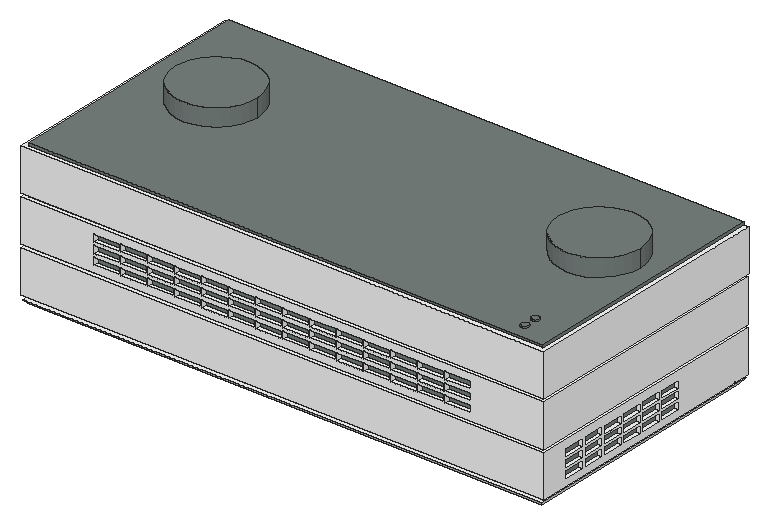
Revit family "AM 500 VC", category Mechanical Equipment, Revit 2019
Family settings
  Round Connector Dimension = Use Diameter
  Part Type = Normal
  OmniClass Number = 23.75.00.00
  OmniClass Title = Climate Control (HVAC)
  Work Plane-Based = No
  Always vertical = Yes
  Cut with Voids When Loaded = No
  Shared = No
  Room Calculation Point = No
Parameters
  Weight (Standard Unit) = 108  # constant formula
  Water Heater Surface Return = 10 mm  # constant formula
  Water Heater Surface IN = 10 mm  # constant formula
  URL = "www.airmaster-as.com"
  Total Width = 1600 mm  # constant formula
  Total Hight = 439 mm  # constant formula
  Top Panel [instance] = yes
  R-C Duct Supply = 192 mm  # constant formula
  L-C Duct Exhaust = 238 mm  # constant formula
  Suply Air In = 250 mm  # constant formula
  B-C Duct Supply = 328 mm  # constant formula
  Phase 1 - Max Power Consumption = "1762 W"
  Phase 1 - Max Current = "8,1 A"
  Nominal current, electrical preheating surface = "4,4 A"
  Nominal current, electrical comfort heating surface = "2,6 A"
  Nominal current, air handling unit = "1,1 A"
  Network Conection = "AWG 24 CAT 5e STP"
  Model = "AM 500 VC"
  Max. flow rate 35 dB(A) with ePM10 80% filters = 440.00 m³  # constant formula
  Max. flow rate 35 dB(A) with ePM10 55% filters = 495.00 m³  # constant formula
  Max. flow rate 35 dB(A) with ePM10 50% filters = 550.00 m³  # constant formula
  Max. flow rate 30 dB(A) with ePM10 80% filters = 344.00 m³  # constant formula
  Max. flow rate 30 dB(A) with ePM10 55% filters = 387.00 m³  # constant formula
  Max. flow rate 30 dB(A) with ePM10 50% filters = 430.00 m³  # constant formula
  Manufacturer = "Airmaster A/S"
  Maintenance [instance] = no
  B-C Duct Exhaust = 328 mm  # constant formula
  Exhaust Air = 250 mm  # constant formula
  Total Depth = 779 mm  # constant formula
  Electrical connection = "1 ~ 230 V / N / PE / 50 Hz"
  Drawn By = "LSB"
  Condensate = 9 mm  # constant formula
  BMS Panel = "(PTS) 2x2x0,6"
  BMS Out = "(PTS) 2x2x0,6"
  BMS IN = "(PTS) 2x0,6"
  Airlow area [instance] = no
Reference planes
  plane 1 "Center (Front/Back)": y = 0
  plane 2: z = 0
  plane 3 "Center (Left/Right)": x = 0
  plane 4 "Center L/S": y = -779
  plane 5 "Center L/T": x = -800
  plane 6 "Center L/U": x = 800
  plane 7 "TOP": z = 439
  plane 8 "Center L/V": x = -785
  plane 9 "Center L/W": y = -764
  plane 10 "Center L/X": x = 785
  plane 11 "Panel Buttom": z = 24.45
  plane 12 "Panel Top": z = 153.45
  plane 13 "Hatch": z = 14.5
  plane 14 "Center L/Z": z = 163.4
  plane 15 "Center L/AA": z = 292.4
  plane 16 "Center L/BB": z = 302.35
  plane 17 "Center L/CC": z = 431.35
Forms (mm)
  Extrusion 1, solid, material "AM Grey"
    sketch origin (0, 0, 0) x (1, 0, 0) y (0, 1, 0)
      loop
        line (-785, 0) -> (-785, -764) -> (785, -764) -> (785, 0) -> (-785, 0)
    from 14.5 to 439
  Extrusion 2, solid, material "AM White"
    sketch origin (794.5, -1524, 24.45) x (0, -1, 0) y (-1, 0, 0)
      loop
        line (-1524, 1594.5) -> (-1524, 1579.5) -> (-760, 1579.5) -> (-760, 9.5) -> (-1524, 9.5) -> (-1524, -5.5) -> (-745, -5.5) -> (-745, 1594.5) -> (-1524, 1594.5)
    from 0 to -129
  Blend 3, solid, material "AM White"
    base sketch origin (-790.646, -1524, 14.5) x (0, -1, 0) y (1, 0, 0)
      loop
        line (-745, -2.387) -> (-745, 1583.657) -> (-1524, 1583.657) -> (-1524, -2.387) -> (-745, -2.387)
    top sketch origin (-790.646, -1524, 14.5) x (0, -1, 0) y (1, 0, 0)
      loop
        line (-760, 8.963) -> (-760, 1572.646) -> (-1509.161, 1572.646) -> (-1509.161, 8.963) -> (-760, 8.963)
    from 0 to -14.5
  Extrusion 4, void
    sketch origin (1480.036, -779, 163.4) x (1, 0, 0) y (0, 0, -1)
      loop
        line (-2055.036, -85.5) -> (-2055.036, -107.5) -> (-1977.536, -107.5) -> (-1977.536, -85.5) -> (-2055.036, -85.5)
      loop
        line (-2055.036, -53.5) -> (-2055.036, -75.5) -> (-1977.536, -75.5) -> (-1977.536, -53.5) -> (-2055.036, -53.5)
      loop
        line (-2055.036, -21.5) -> (-2055.036, -43.5) -> (-1977.536, -43.5) -> (-1977.536, -21.5) -> (-2055.036, -21.5)
      loop
        line (-1972.536, -85.5) -> (-1972.536, -107.5) -> (-1895.036, -107.5) -> (-1895.036, -85.5) -> (-1972.536, -85.5)
      loop
        line (-1972.536, -53.5) -> (-1972.536, -75.5) -> (-1895.036, -75.5) -> (-1895.036, -53.5) -> (-1972.536, -53.5)
      loop
        line (-1972.536, -21.5) -> (-1972.536, -43.5) -> (-1895.036, -43.5) -> (-1895.036, -21.5) -> (-1972.536, -21.5)
      loop
        line (-1890.036, -85.5) -> (-1890.036, -107.5) -> (-1812.536, -107.5) -> (-1812.536, -85.5) -> (-1890.036, -85.5)
      loop
        line (-1890.036, -53.5) -> (-1890.036, -75.5) -> (-1812.536, -75.5) -> (-1812.536, -53.5) -> (-1890.036, -53.5)
      loop
        line (-1890.036, -21.5) -> (-1890.036, -43.5) -> (-1812.536, -43.5) -> (-1812.536, -21.5) -> (-1890.036, -21.5)
      loop
        line (-1807.536, -85.5) -> (-1807.536, -107.5) -> (-1730.036, -107.5) -> (-1730.036, -85.5) -> (-1807.536, -85.5)
      loop
        line (-1807.536, -53.5) -> (-1807.536, -75.5) -> (-1730.036, -75.5) -> (-1730.036, -53.5) -> (-1807.536, -53.5)
      loop
        line (-1807.536, -21.5) -> (-1807.536, -43.5) -> (-1730.036, -43.5) -> (-1730.036, -21.5) -> (-1807.536, -21.5)
      loop
        line (-1725.036, -85.5) -> (-1725.036, -107.5) -> (-1647.536, -107.5) -> (-1647.536, -85.5) -> (-1725.036, -85.5)
      loop
        line (-1725.036, -53.5) -> (-1725.036, -75.5) -> (-1647.536, -75.5) -> (-1647.536, -53.5) -> (-1725.036, -53.5)
      loop
        line (-1725.036, -21.5) -> (-1725.036, -43.5) -> (-1647.536, -43.5) -> (-1647.536, -21.5) -> (-1725.036, -21.5)
      loop
        line (-1642.536, -85.5) -> (-1642.536, -107.5) -> (-1565.036, -107.5) -> (-1565.036, -85.5) -> (-1642.536, -85.5)
      loop
        line (-1642.536, -53.5) -> (-1642.536, -75.5) -> (-1565.036, -75.5) -> (-1565.036, -53.5) -> (-1642.536, -53.5)
      loop
        line (-1642.536, -21.5) -> (-1642.536, -43.5) -> (-1565.036, -43.5) -> (-1565.036, -21.5) -> (-1642.536, -21.5)
      loop
        line (-1560.036, -85.5) -> (-1560.036, -107.5) -> (-1482.536, -107.5) -> (-1482.536, -85.5) -> (-1560.036, -85.5)
      loop
        line (-1560.036, -53.5) -> (-1560.036, -75.5) -> (-1482.536, -75.5) -> (-1482.536, -53.5) -> (-1560.036, -53.5)
      loop
        line (-1560.036, -21.5) -> (-1560.036, -43.5) -> (-1482.536, -43.5) -> (-1482.536, -21.5) -> (-1560.036, -21.5)
      loop
        line (-1477.536, -85.5) -> (-1477.536, -107.5) -> (-1400.036, -107.5) -> (-1400.036, -85.5) -> (-1477.536, -85.5)
      loop
        line (-1477.536, -53.5) -> (-1477.536, -75.5) -> (-1400.036, -75.5) -> (-1400.036, -53.5) -> (-1477.536, -53.5)
      loop
        line (-1477.536, -21.5) -> (-1477.536, -43.5) -> (-1400.036, -43.5) -> (-1400.036, -21.5) -> (-1477.536, -21.5)
      loop
        line (-1395.036, -85.5) -> (-1395.036, -107.5) -> (-1317.536, -107.5) -> (-1317.536, -85.5) -> (-1395.036, -85.5)
      loop
        line (-1395.036, -53.5) -> (-1395.036, -75.5) -> (-1317.536, -75.5) -> (-1317.536, -53.5) -> (-1395.036, -53.5)
      loop
        line (-1395.036, -21.5) -> (-1395.036, -43.5) -> (-1317.536, -43.5) -> (-1317.536, -21.5) -> (-1395.036, -21.5)
      loop
        line (-1312.536, -85.5) -> (-1312.536, -107.5) -> (-1235.036, -107.5) -> (-1235.036, -85.5) -> (-1312.536, -85.5)
      loop
        line (-1312.536, -53.5) -> (-1312.536, -75.5) -> (-1235.036, -75.5) -> (-1235.036, -53.5) -> (-1312.536, -53.5)
      loop
        line (-1312.536, -21.5) -> (-1312.536, -43.5) -> (-1235.036, -43.5) -> (-1235.036, -21.5) -> (-1312.536, -21.5)
      loop
        line (-1230.036, -85.5) -> (-1230.036, -107.5) -> (-1152.536, -107.5) -> (-1152.536, -85.5) -> (-1230.036, -85.5)
      loop
        line (-1230.036, -53.5) -> (-1230.036, -75.5) -> (-1152.536, -75.5) -> (-1152.536, -53.5) -> (-1230.036, -53.5)
      loop
        line (-1230.036, -21.5) -> (-1230.036, -43.5) -> (-1152.536, -43.5) -> (-1152.536, -21.5) -> (-1230.036, -21.5)
      loop
        line (-1147.536, -85.5) -> (-1147.536, -107.5) -> (-1070.036, -107.5) -> (-1070.036, -85.5) -> (-1147.536, -85.5)
      loop
        line (-1147.536, -53.5) -> (-1147.536, -75.5) -> (-1070.036, -75.5) -> (-1070.036, -53.5) -> (-1147.536, -53.5)
      loop
        line (-1147.536, -21.5) -> (-1147.536, -43.5) -> (-1070.036, -43.5) -> (-1070.036, -21.5) -> (-1147.536, -21.5)
      loop
        line (-1065.036, -85.5) -> (-1065.036, -107.5) -> (-987.536, -107.5) -> (-987.536, -85.5) -> (-1065.036, -85.5)
      loop
        line (-1065.036, -53.5) -> (-1065.036, -75.5) -> (-987.536, -75.5) -> (-987.536, -53.5) -> (-1065.036, -53.5)
      loop
        line (-1065.036, -21.5) -> (-1065.036, -43.5) -> (-987.536, -43.5) -> (-987.536, -21.5) -> (-1065.036, -21.5)
      loop
        line (-982.536, -85.5) -> (-982.536, -107.5) -> (-905.036, -107.5) -> (-905.036, -85.5) -> (-982.536, -85.5)
      loop
        line (-982.536, -53.5) -> (-982.536, -75.5) -> (-905.036, -75.5) -> (-905.036, -53.5) -> (-982.536, -53.5)
      loop
        line (-982.536, -21.5) -> (-982.536, -43.5) -> (-905.036, -43.5) -> (-905.036, -21.5) -> (-982.536, -21.5)
    from 0 to 15
  Extrusion 5, solid, material "AM Grey"
    sketch origin (-785, -20, 0) x (0, 1, 0) y (0, 0, -1)
      loop
        arc (-34.231, -35.823) -> (-20.604, -46.468) -> (-15.509, -29.944) r 10.5
        arc (-15.509, -29.944) -> (-26.896, -26.432) -> (-34.231, -35.823) r 10.5
    from 0 to 14.9
  Extrusion 6, void
    sketch origin (800, 1296.25, 24.45) x (0, 1, 0) y (0, 0, -1)
      loop
        line (-1995, -105.164) -> (-1927, -105.164) -> (-1927, -80.664) -> (-1995, -80.664) -> (-1995, -105.164)
      loop
        line (-1995, -75.664) -> (-1927, -75.664) -> (-1927, -51.164) -> (-1995, -51.164) -> (-1995, -75.664)
      loop
        line (-1995, -46.164) -> (-1927, -46.164) -> (-1927, -21.664) -> (-1995, -21.664) -> (-1995, -46.164)
      loop
        line (-1922, -105.164) -> (-1854, -105.164) -> (-1854, -80.664) -> (-1922, -80.664) -> (-1922, -105.164)
      loop
        line (-1922, -75.664) -> (-1854, -75.664) -> (-1854, -51.164) -> (-1922, -51.164) -> (-1922, -75.664)
      loop
        line (-1922, -46.164) -> (-1854, -46.164) -> (-1854, -21.664) -> (-1922, -21.664) -> (-1922, -46.164)
      loop
        line (-1849, -105.164) -> (-1781, -105.164) -> (-1781, -80.664) -> (-1849, -80.664) -> (-1849, -105.164)
      loop
        line (-1849, -75.664) -> (-1781, -75.664) -> (-1781, -51.164) -> (-1849, -51.164) -> (-1849, -75.664)
      loop
        line (-1849, -46.164) -> (-1781, -46.164) -> (-1781, -21.664) -> (-1849, -21.664) -> (-1849, -46.164)
      loop
        line (-1776, -105.164) -> (-1708, -105.164) -> (-1708, -80.664) -> (-1776, -80.664) -> (-1776, -105.164)
      loop
        line (-1776, -75.664) -> (-1708, -75.664) -> (-1708, -51.164) -> (-1776, -51.164) -> (-1776, -75.664)
      loop
        line (-1776, -46.164) -> (-1708, -46.164) -> (-1708, -21.664) -> (-1776, -21.664) -> (-1776, -46.164)
      loop
        line (-1703, -105.164) -> (-1635, -105.164) -> (-1635, -80.664) -> (-1703, -80.664) -> (-1703, -105.164)
      loop
        line (-1703, -75.664) -> (-1635, -75.664) -> (-1635, -51.164) -> (-1703, -51.164) -> (-1703, -75.664)
      loop
        line (-1703, -46.164) -> (-1635, -46.164) -> (-1635, -21.664) -> (-1703, -21.664) -> (-1703, -46.164)
      loop
        line (-1630, -105.164) -> (-1562, -105.164) -> (-1562, -80.664) -> (-1630, -80.664) -> (-1630, -105.164)
      loop
        line (-1630, -75.664) -> (-1562, -75.664) -> (-1562, -51.164) -> (-1630, -51.164) -> (-1630, -75.664)
      loop
        line (-1630, -46.164) -> (-1562, -46.164) -> (-1562, -21.664) -> (-1630, -21.664) -> (-1630, -46.164)
    from 0 to 15
  Extrusion 7, solid, material "AM Grey"
    sketch origin (785, 0, 0) x (0, -1, 0) y (0, 0, -1)
      loop
        circle (48.75, -36.414) r 8
    from 0 to 14.9
  Extrusion 8, solid, material "AM Grey"
    sketch origin (785, 0, 0) x (0, -1, 0) y (0, 0, -1)
      loop
        circle (48.75, -60.414) r 5.5
    from 0 to 14.9
  Extrusion 9, solid, material "AM Grey"
    sketch origin (785, 0, 0) x (0, -1, 0) y (0, 0, -1)
      loop
        arc (52.21, -82.945) -> (49.124, -78.934) -> (45.257, -82.197) r 3.5
        arc (45.257, -82.197) -> (48.376, -85.894) -> (52.21, -82.945) r 3.5
    from 0 to 14.9
  Extrusion 10, solid, material "AM Grey"
    sketch origin (785, 0, 0) x (0, -1, 0) y (0, 0, -1)
      loop
        arc (52.21, -104.867) -> (49.124, -100.856) -> (45.257, -104.119) r 3.5
        arc (45.257, -104.119) -> (48.376, -107.816) -> (52.21, -104.867) r 3.5
    from 0 to 14.9
  Extrusion 11, solid, material "AM Grey"
    sketch origin (785, 0, 0) x (0, -1, 0) y (0, 0, -1)
      loop
        arc (666.553, -391.641) -> (678.119, -403.614) -> (689.95, -391.903) r 11.7
        arc (689.95, -391.903) -> (678.381, -380.215) -> (666.553, -391.641) r 11.7
    from 0 to 2
  Extrusion 12, solid, material "AM Grey"
    sketch origin (785, 0, 0) x (0, -1, 0) y (0, 0, -1)
      loop
        arc (707.323, -393.239) -> (721.418, -403.717) -> (730.869, -388.914) r 12
        arc (730.869, -388.914) -> (717.082, -380.112) -> (707.323, -393.239) r 12
    from 0 to 2
  Extrusion 13, solid, material "AM Grey"
    sketch origin (-2194.69, 0, 0) x (1, 0, 0) y (0, 0, -1)
      loop
        arc (1478.835, -24) -> (1493.457, -45.482) -> (1480.281, -23.084) r 13
        line (1480.281, -23.084) -> (1478.835, -24)
    from 0 to 2
  Extrusion 14, solid, material "AM Grey"
    sketch origin (0, 0, 439) x (1, 0, 0) y (0, 1, 0)
      loop
        arc (693.662, -689.53) -> (693, -667.55) -> (692.338, -689.53) r 11
        line (692.338, -689.53) -> (693.662, -689.53)
    from 0 to 2
  Extrusion 15, solid, material "AM Grey"
    sketch origin (0, 0, 439) x (1, 0, 0) y (0, 1, 0)
      loop
        arc (693.662, -730.28) -> (693, -708.3) -> (692.338, -730.28) r 11
        line (692.338, -730.28) -> (693.662, -730.28)
    from 0 to 2
  Extrusion 16, solid, material "Maintenece", visible <- "Maintenance"
    sketch origin (-790.646, -1524, 0) x (1, 0, 0) y (0, -1, 0)
      loop
        line (-9.354, -1524) -> (1590.646, -1524) -> (1590.646, -745) -> (-9.354, -745) -> (-9.354, -1524)
    from 0 to 1200
  Extrusion 17, solid, material "Maintenece", visible <- "Airlow area"
    sketch origin (800, 1296.25, 24.45) x (0, -1, 0) y (0, 0, -1)
      loop
        line (1296.25, -129) -> (2081.25, -129) -> (2081.25, 21) -> (1296.25, 21) -> (1296.25, -129)
    from 0 to 500
  Extrusion 18, solid, material "AM Grey"
    sketch origin (0, 0, 439) x (1, 0, 0) y (0, 1, 0)
      loop
        circle (-562, -328) r 125
    from 0 to 53
  Extrusion 19, solid, material "AM Grey"
    sketch origin (1170, 0, 439) x (1, 0, 0) y (0, 1, 0)
      loop
        circle (-562, -328) r 125
    from 0 to 53
  Extrusion 20, solid, material "AM White"
    sketch origin (794.5, -1524, 163.4) x (0, -1, 0) y (-1, 0, 0)
      loop
        line (-1524, 1594.5) -> (-1524, 1579.5) -> (-760, 1579.5) -> (-760, 9.5) -> (-1524, 9.5) -> (-1524, -5.5) -> (-745, -5.5) -> (-745, 1594.5) -> (-1524, 1594.5)
    from 0 to -129
  Extrusion 21, solid, material "AM White", visible <- "Top Panel"
    sketch origin (794.5, -1524, 302.35) x (0, -1, 0) y (-1, 0, 0)
      loop
        line (-1524, 1594.5) -> (-1524, 1579.5) -> (-760, 1579.5) -> (-760, 9.5) -> (-1524, 9.5) -> (-1524, -5.5) -> (-745, -5.5) -> (-745, 1594.5) -> (-1524, 1594.5)
    from 0 to -129
Cuts and joins
  Extrusion 4, Extrusion 6 cuts Extrusion 1
  Extrusion 4, Extrusion 6 cuts Extrusion 2
  Extrusion 4 cuts Extrusion 20
Dimensions and locks
  "Total Depth": plane 4 "Center L/S" to plane 1 "Center (Front/Back)"
  equal spacing: plane 5 "Center L/T", plane 3 "Center (Left/Right)", plane 6 "Center L/U"
  "Total Width": plane 5 "Center L/T" to plane 6 "Center L/U"
  "Total Hight": plane 7 "TOP" to level
  locked: plane 10 "Center L/X" to plane 6 "Center L/U" at 15
  locked: plane 4 "Center L/S" to plane 9 "Center L/W" at 15
  locked: plane 5 "Center L/T" to plane 8 "Center L/V" at 15
  Extrusion 1 to Blend 3 sketch curve = 14.839 mm
  nested 3 to cut or joined group of Extrusion 2, Extrusion 4, Extrusion 6 = 550 mm
  "L-C Duct Exhaust": plane 5 "Center L/T" to Extrusion 18 sketch curve
  "B-C Duct Exhaust": Extrusion 18 sketch curve to plane 1 "Center (Front/Back)"
  "B-C Duct Supply": Extrusion 19 sketch curve to plane 1 "Center (Front/Back)"
  "R-C Duct Supply": Extrusion 19 sketch curve to plane 6 "Center L/U"
  aligned and locked: level to plane 2
  aligned and locked: plane 1 "Center (Front/Back)" to Extrusion 1 sketch curve
  aligned and locked: Extrusion 1 sketch curve to plane 8 "Center L/V"
  aligned and locked: Extrusion 1 sketch curve to plane 9 "Center L/W"
  aligned and locked: Extrusion 1 sketch curve to plane 10 "Center L/X"
  aligned and locked: plane 7 "TOP" to Extrusion 1
  aligned and locked: plane 5 "Center L/T" to Extrusion 2 sketch curve
  aligned and locked: plane 4 "Center L/S" to Extrusion 2 sketch curve
  aligned and locked: plane 6 "Center L/U" to Extrusion 2 sketch curve
  aligned and locked: Extrusion 2 sketch curve to Extrusion 1  (x3)
  aligned and locked: plane 1 "Center (Front/Back)" to Extrusion 2 sketch curve
  aligned and locked: Extrusion 2 to plane 12 "Panel Top"
  aligned and locked: Blend 3 to plane 2
  aligned and locked: plane 13 "Hatch" to Extrusion 1
  aligned and locked: Extrusion 16 sketch curve to cut or joined group of Extrusion 2, Extrusion 4, Extrusion 6  (x4)
  aligned and locked: Extrusion 17 sketch curve to cut or joined group of Extrusion 2, Extrusion 4, Extrusion 6  (x2)
Automatic sketch dimensions
  plane 1 "Center (Front/Back)" to Extrusion 2 sketch curve = 0 mm
  plane 1 "Center (Front/Back)" to Blend 3 sketch curve = 0 mm
  plane 4 "Center L/S" to Blend 3 sketch curve = 0 mm
  plane 5 "Center L/T" to Blend 3 sketch curve = 6.967 mm
  Blend 3 sketch curve to plane 6 "Center L/U" = 6.989 mm
  plane 9 "Center L/W" to Blend 3 sketch curve = 0 mm
  plane 8 "Center L/V" to Blend 3 sketch curve = 3.316 mm
  Blend 3 sketch curve to plane 10 "Center L/X" = 3 mm
  Extrusion 2 to Extrusion 4 sketch curve = 95.45 mm  (x3)
  Extrusion 4 sketch curve to Extrusion 2 = 225 mm
  Extrusion 4 sketch curve to Extrusion 4 sketch curve = 0 mm  (x88)
  Extrusion 4 sketch curve to Extrusion 4 sketch curve = 77.5 mm  (x14)
  Extrusion 4 sketch curve to Extrusion 4 sketch curve = 5 mm  (x39)
  Extrusion 4 sketch curve to Extrusion 4 sketch curve = 22 mm  (x11)
  Extrusion 4 sketch curve to Extrusion 4 sketch curve = 10 mm  (x12)
  Extrusion 5 sketch curve to Extrusion 5 sketch curve = 0 mm  (x2)
  Extrusion 1 to Extrusion 5 sketch curve = 43.75 mm
  Extrusion 1 to Extrusion 5 sketch curve = 21.95 mm
  Extrusion 5 sketch curve to Extrusion 5 sketch curve = 10.481 mm
  Extrusion 5 sketch curve to Extrusion 5 sketch curve = 8.241 mm
  Extrusion 5 sketch curve to Extrusion 5 sketch curve = 0.627 mm
  Extrusion 6 sketch curve to Extrusion 2 = 23.836 mm  (x2)
  Extrusion 2 to Extrusion 6 sketch curve = 80.25 mm
  Extrusion 6 sketch curve to Extrusion 6 sketch curve = 0 mm  (x33)
  Extrusion 6 sketch curve to Extrusion 6 sketch curve = 68 mm  (x6)
  Extrusion 6 sketch curve to Extrusion 6 sketch curve = 5 mm  (x22)
  Extrusion 6 sketch curve to Extrusion 6 sketch curve = 24.5 mm  (x5)
  Extrusion 6 sketch curve to Extrusion 2 = 21.664 mm  (x3)
  Extrusion 1 to Extrusion 7 sketch curve = 21.914 mm
  Extrusion 1 to Extrusion 7 sketch curve = 48.75 mm
  Extrusion 1 to Extrusion 8 sketch curve = 48.75 mm
  Extrusion 1 to Extrusion 8 sketch curve = 45.914 mm
  Extrusion 9 sketch curve to Extrusion 9 sketch curve = 0 mm  (x2)
  Extrusion 1 to Extrusion 9 sketch curve = 48.75 mm
  Extrusion 1 to Extrusion 9 sketch curve = 67.914 mm
  Extrusion 9 sketch curve to Extrusion 9 sketch curve = 3.493 mm
  Extrusion 9 sketch curve to Extrusion 9 sketch curve = 3.46 mm
  Extrusion 9 sketch curve to Extrusion 9 sketch curve = 0.531 mm
  Extrusion 10 sketch curve to Extrusion 10 sketch curve = 0 mm  (x2)
  Extrusion 1 to Extrusion 10 sketch curve = 48.75 mm
  Extrusion 1 to Extrusion 10 sketch curve = 89.836 mm
  Extrusion 10 sketch curve to Extrusion 10 sketch curve = 3.493 mm
  Extrusion 10 sketch curve to Extrusion 10 sketch curve = 3.46 mm
  Extrusion 10 sketch curve to Extrusion 10 sketch curve = 0.531 mm
  Extrusion 11 sketch curve to Extrusion 11 sketch curve = 0 mm  (x2)
  Extrusion 1 to Extrusion 11 sketch curve = 85.75 mm
  Extrusion 1 to Extrusion 11 sketch curve = 47.086 mm
  Extrusion 11 sketch curve to Extrusion 11 sketch curve = 11.697 mm
  Extrusion 11 sketch curve to Extrusion 11 sketch curve = 11.7 mm
  Extrusion 11 sketch curve to Extrusion 11 sketch curve = 0.011 mm
  Extrusion 12 sketch curve to Extrusion 12 sketch curve = 0 mm  (x2)
  Extrusion 1 to Extrusion 12 sketch curve = 44.75 mm
  Extrusion 1 to Extrusion 12 sketch curve = 47.086 mm
  Extrusion 12 sketch curve to Extrusion 12 sketch curve = 11.927 mm
  Extrusion 12 sketch curve to Extrusion 12 sketch curve = 11.619 mm
  Extrusion 12 sketch curve to Extrusion 12 sketch curve = 1.325 mm
  Extrusion 1 to Extrusion 13 sketch curve = 9.5 mm
  Extrusion 13 sketch curve to Extrusion 1 = 69.145 mm
  Extrusion 1 to Extrusion 13 sketch curve = 8.584 mm
  Extrusion 13 sketch curve to Extrusion 13 sketch curve = 1.446 mm
  Extrusion 13 sketch curve to Extrusion 13 sketch curve = 6.219 mm
  Extrusion 14 sketch curve to Extrusion 1 = 92.662 mm
  Extrusion 14 sketch curve to Extrusion 14 sketch curve = 0.662 mm
  Extrusion 14 sketch curve to Extrusion 1 = 74.47 mm
  Extrusion 14 sketch curve to Extrusion 14 sketch curve = 10.98 mm
  Extrusion 15 sketch curve to Extrusion 1 = 92.662 mm
  Extrusion 15 sketch curve to Extrusion 15 sketch curve = 0.662 mm
  Extrusion 15 sketch curve to Extrusion 1 = 33.72 mm
  Extrusion 15 sketch curve to Extrusion 15 sketch curve = 10.98 mm
  Extrusion 2 to Extrusion 17 sketch curve = 6 mm
  Extrusion 17 sketch curve to Extrusion 2 = 21 mm
  plane 1 "Center (Front/Back)" to Extrusion 20 sketch curve = 0 mm  (x2)
  Extrusion 20 sketch curve to plane 8 "Center L/V" = 0 mm
  Extrusion 20 sketch curve to plane 9 "Center L/W" = 0 mm
  plane 4 "Center L/S" to Extrusion 20 sketch curve = 0 mm
  Extrusion 20 sketch curve to plane 5 "Center L/T" = 0 mm
  Extrusion 20 sketch curve to plane 10 "Center L/X" = 0 mm
  Extrusion 20 sketch curve to plane 6 "Center L/U" = 0 mm
  plane 1 "Center (Front/Back)" to Extrusion 21 sketch curve = 0 mm  (x2)
  Extrusion 21 sketch curve to plane 8 "Center L/V" = 0 mm
  Extrusion 21 sketch curve to plane 9 "Center L/W" = 0 mm
  plane 4 "Center L/S" to Extrusion 21 sketch curve = 0 mm
  Extrusion 21 sketch curve to plane 5 "Center L/T" = 0 mm
  Extrusion 21 sketch curve to plane 10 "Center L/X" = 0 mm
  Extrusion 21 sketch curve to plane 6 "Center L/U" = 0 mm
  radius of Extrusion 7 sketch curve = 8 mm
  radius of Extrusion 8 sketch curve = 5.5 mm
  radius of Extrusion 18 sketch curve = 125 mm
  radius of Extrusion 19 sketch curve = 125 mm
Nested families
  nested 1: "Model Label 2019" at (0, -541.924, 0), Label <- "Model", type "Model Label 2019"
    with Label "AM 500 VC"
  nested 2: "Pil Indtag" at (1400, -364, 0) x (-1, 0, 0) z (0, 0, 1), type "Pil Indtag"
    with dX_ 609 mm, dX 609 mm, ang2D 0.00°
  nested 3: "indblæssymbol" at (11.742, -879, 0) x (0, -1, 0) z (0, 0, 1), type "indblæssymbol"
    with dX_ 609 mm, dX 609 mm, ang2D 0.00°
Connectors
  piping at (-799.9, -44.87, 32.883), diameter 9, driven by "Condensate"
    settings: on Extrusion 5, index 1, connector inside diameter 609.6 mm, connector length 0 mm, flow factor 0, pipe flow 0.0 L/s, pressure drop 0.0 Pa, fitting loss kfactor 0, connector angle 0.00°, fixture units 0, engagement length 0 mm, angle of deflection 0.00°, flow configuration 0, flow direction 0, fitting loss method 0, system type 16, joint type 0, gender type 0, connector reference index -1, connector utility 0, adjustable connector no, is connector primary yes, connector description ""
  electrical at (799.9, -48.75, 36.414), driven by "Electrical connection"
    settings: on Extrusion 7, index 2, voltage 230 V, apparent load 0 VA, apparent load phase1 0 VA, apparent load phase2 0 VA, apparent load phase3 0 VA, power factor 0.58, load classification "Other", number of poles 1, system type 30, power factor state 1, is connector primary yes, connector utility no, sub classification motor no, connector description "1 ~ 230 V / N / PE / 50 Hz"
  electrical at (799.9, -48.75, 60.414), driven by "Network Conection"
    settings: on Extrusion 8, index 3, voltage 0 V, apparent load 0 VA, apparent load phase1 0 VA, apparent load phase2 0 VA, apparent load phase3 0 VA, power factor 1, load classification "Other", number of poles 1, system type 5, power factor state 1, is connector primary no, connector utility no, sub classification motor no, connector description "AWG 24 CAT 5e STP"
  electrical at (799.9, -48.733, 82.571), driven by "BMS IN"
    settings: on Extrusion 9, index 4, voltage 0 V, apparent load 0 VA, apparent load phase1 0 VA, apparent load phase2 0 VA, apparent load phase3 0 VA, power factor 1, load classification "Other", number of poles 1, system type 5, power factor state 1, is connector primary no, connector utility no, sub classification motor no, connector description "(PTS) 2x0,6"
  electrical at (799.9, -48.733, 104.493), driven by "BMS Out"
    settings: on Extrusion 10, index 5, voltage 0 V, apparent load 0 VA, apparent load phase1 0 VA, apparent load phase2 0 VA, apparent load phase3 0 VA, power factor 1, load classification "Other", number of poles 1, system type 5, power factor state 1, is connector primary no, connector utility no, sub classification motor no, connector description "(PTS) 2x2x0,6"
  piping at (787, -719.096, 391.076), diameter 10, driven by "Water Heater Surface IN"
    settings: on Extrusion 12, index 6, connector inside diameter 609.6 mm, connector length 0 mm, flow factor 0, pipe flow 0.0 L/s, pressure drop 0.0 Pa, fitting loss kfactor 0, connector angle 0.00°, fixture units 0, engagement length 0 mm, angle of deflection 0.00°, flow configuration 0, flow direction 1, fitting loss method 0, system type 7, joint type 0, gender type 0, connector reference index -1, connector utility 0, adjustable connector no, is connector primary no, connector description ""
  piping at (787, -678.252, 391.772), diameter 10, driven by "Water Heater Surface Return"
    settings: on Extrusion 11, index 7, connector inside diameter 609.6 mm, connector length 0 mm, flow factor 0, pipe flow 0.0 L/s, pressure drop 0.0 Pa, fitting loss kfactor 0, connector angle 0.00°, fixture units 0, engagement length 0 mm, angle of deflection 0.00°, flow configuration 0, flow direction 2, fitting loss method 0, system type 8, joint type 0, gender type 0, connector reference index -1, connector utility 0, adjustable connector no, is connector primary no, connector description ""
  piping at (-715.132, 2, 23.542), diameter 9, driven by "Condensate"
    settings: on Extrusion 13, index 8, connector inside diameter 609.6 mm, connector length 0 mm, flow factor 0, pipe flow 0.0 L/s, pressure drop 0.0 Pa, fitting loss kfactor 0, connector angle 0.00°, fixture units 0, engagement length 0 mm, angle of deflection 0.00°, flow configuration 0, flow direction 0, fitting loss method 0, system type 16, joint type 0, gender type 0, connector reference index -1, connector utility 0, adjustable connector no, is connector primary no, connector description "9"
  piping at (693, -730.28, 441), diameter 10, driven by "Water Heater Surface IN"
    settings: on Extrusion 15, index 11, connector inside diameter 609.6 mm, connector length 0 mm, flow factor 0, pipe flow 0.0 L/s, pressure drop 0.0 Pa, fitting loss kfactor 0, connector angle 0.00°, fixture units 0, engagement length 0 mm, angle of deflection 0.00°, flow configuration 0, flow direction 0, fitting loss method 0, system type 19, joint type 0, gender type 0, connector reference index -1, connector utility 0, adjustable connector no, is connector primary no, connector description ""
  piping at (693, -689.53, 441), diameter 10, driven by "Water Heater Surface Return"
    settings: on Extrusion 14, index 12, connector inside diameter 609.6 mm, connector length 0 mm, flow factor 0, pipe flow 0.0 L/s, pressure drop 0.0 Pa, fitting loss kfactor 0, connector angle 0.00°, fixture units 0, engagement length 0 mm, angle of deflection 0.00°, flow configuration 0, flow direction 0, fitting loss method 0, system type 19, joint type 0, gender type 0, connector reference index -1, connector utility 0, adjustable connector no, is connector primary no, connector description ""
  hvac at (608, -328, 439), driven by "Suply Air In"
    settings: on Extrusion 19, index 15, duct flow 0.0 L/s, flow factor 0, pres drop 0.0 Pa, loss coef 0, conn angle 0.00°, conn width 304.8 mm, conn height 304.8 mm, conn diameter 250 mm, duct sys type 1, conn prof type 0, flow config 0, flow direction 1, loss method 0, conn ref index -1, conn util no, is conn primary yes, conn desc ""
  hvac at (-562, -328, 439), driven by "Exhaust Air"
    settings: on Extrusion 18, index 16, duct flow 0.0 L/s, flow factor 0, pres drop 0.0 Pa, loss coef 0, conn angle 0.00°, conn width 304.8 mm, conn height 304.8 mm, conn diameter 250 mm, duct sys type 3, conn prof type 0, flow config 0, flow direction 2, loss method 0, conn ref index -1, conn util no, is conn primary no, conn desc ""
Definition of nested family "Model Label 2019"
  Parameters (values of type "Model Label 2019")
    Label [instance] = ""
  Reference planes
    plane 1: y = 0
    plane 2: x = 0
  Text (mm)
    label "Label" at (-0.131, 0.049, 0), shows "Label"
Definition of nested family "Pil Indtag"
  Parameters (values of type "Pil Indtag")
    dX_ [instance] = if(dX = 0 mm, 1 mm, dX)  # 609 mm
    dX [instance] = 609 mm
    ang2D [instance] = 0.00°
    Type Comments = "DO NOT CHANGE dX value from 608 mm ( 2 ft )"
    Afstand pil = 50 mm
  Reference planes
    plane 1 "Center (Front/Back)": y = 0
    plane 2: z = 0
    plane 3 "Center (Left/Right)": x = 0
    plane 4: x = 500
  Lines and regions (mm)
    Filled region 1, type "Concrete", in view "Ref. Level"
      outline origin (0, 0, 0) x (1, 0, 0) y (0, 1, 0)
        loop
          line (499.552, 0) -> (401.072, 17.365) -> (401.072, -17.365) -> (499.552, 0)
    reference lines, in view "Ref. Level"
      curve 1: line (50, 134.129, 0) -> (50, -145.871, 0)
    detail lines, in view "Ref. Level", not visible
      curve 2: arc (335, 0, 0) -> (385.559, -50.321, 0) -> (434.999, 1.101, 0) r 50.01
      curve 3: arc (335, 0, 0) -> (285.666, 52.633, 0) -> (235.069, 1.212, 0) r 50.01
      curve 4: line (434.999, 1.101, 0) -> (434.999, 21.156, 0)
      curve 5: line (235.069, 1.212, 0) -> (235.069, -18.844, 0)
    detail lines, in view "Ref. Level"
      curve 6: arc (225.332, 0, 0) -> (272.332, -35.211, 0) -> (294.114, 19.326, 0) r 36.995
      curve 7: arc (225.206, 0, 0) -> (173.868, 30.307, 0) -> (156.85, -26.829, 0) r 37.835
      curve 8: line (499.552, 0, 0) -> (401.072, 17.365, 0)
      curve 9: line (401.072, 17.365, 0) -> (401.072, -17.365, 0)
      curve 10: line (401.072, -17.365, 0) -> (499.552, 0, 0)
      curve 11: line (499.552, 0, 0) -> (-15.448, 0, 0)
  Dimensions and locks
    "Afstand pil": plane 3 "Center (Left/Right)" to curve 1
    plane 3 "Center (Left/Right)" to plane 4 = 500 mm
  Automatic sketch dimensions
    plane 1 "Center (Front/Back)" to Filled region 1 sketch curve = 0 mm
    Filled region 1 sketch curve to plane 4 = 0.448 mm
    plane 1 "Center (Front/Back)" to Filled region 1 sketch curve = 17.365 mm
    Filled region 1 sketch curve to plane 4 = 98.928 mm
    Filled region 1 sketch curve to plane 1 "Center (Front/Back)" = 17.365 mm
    plane 1 "Center (Front/Back)" to curve 11 = 0 mm
    plane 1 "Center (Front/Back)" to curve 7 = 4.913 mm
    plane 3 "Center (Left/Right)" to curve 7 = 187.691 mm
    curve 6 to plane 1 "Center (Front/Back)" = 0.405 mm
    curve 7 to curve 6 = 74.634 mm
    curve 9 to plane 1 "Center (Front/Back)" = 17.365 mm
    curve 9 to plane 4 = 98.928 mm
    curve 11 to plane 4 = 0.448 mm
    plane 1 "Center (Front/Back)" to curve 10 = 17.365 mm
    curve 7 to curve 7 = 30.842 mm
    curve 11 to plane 3 "Center (Left/Right)" = 15.448 mm
    curve 7 to curve 6 = 37.119 mm
    curve 7 to curve 6 = 0.126 mm
    curve 6 to plane 1 "Center (Front/Back)" = 19.326 mm
    plane 1 "Center (Front/Back)" to curve 1 = 145.871 mm
    curve 1 to plane 1 "Center (Front/Back)" = 134.129 mm
Definition of nested family "indblæssymbol"
  Parameters (values of type "indblæssymbol")
    dX_ [instance] = if(dX = 0 mm, 1 mm, dX)  # 609 mm
    dX [instance] = 609 mm
    ang2D [instance] = 0.00°
    Type Comments = "DO NOT CHANGE dX value from 608 mm ( 2 ft )"
    Afstand pil = 50 mm
  Reference planes
    plane 1 "Center (Front/Back)": y = 0
    plane 2: z = 0
    plane 3 "Center (Left/Right)": x = 0
  Lines and regions (mm)
    Filled region 1, type "Concrete", in view "Ref. Level"
      outline origin (50.005, 0, 0) x (1, 0, 0) y (0, 1, 0)
        loop
          line (399.995, 0.414) -> (301.442, 17.365) -> (301.588, -17.365) -> (399.995, 0.414)
    reference lines, in view "Ref. Level"
      curve 1: line (50, 134.129, 0) -> (50, -145.871, 0)
    detail lines, in view "Ref. Level"
      curve 2: line (351.52, 0, 0) -> (50, 0, 0)
  Dimensions and locks
    "Afstand pil": plane 3 "Center (Left/Right)" to curve 1
    curve 1 to Filled region 1 = 400 mm
  Automatic sketch dimensions
    Filled region 1 sketch curve to plane 1 "Center (Front/Back)" = 0.414 mm
    plane 3 "Center (Left/Right)" to Filled region 1 sketch curve = 450 mm
    plane 1 "Center (Front/Back)" to Filled region 1 sketch curve = 17.365 mm
    Filled region 1 sketch curve to Filled region 1 sketch curve = 98.407 mm
    Filled region 1 sketch curve to plane 1 "Center (Front/Back)" = 17.365 mm
    Filled region 1 sketch curve to Filled region 1 sketch curve = 0.146 mm
    plane 1 "Center (Front/Back)" to curve 2 = 0 mm
    plane 3 "Center (Left/Right)" to curve 2 = 50 mm
    curve 2 to curve 2 = 301.52 mm
    plane 1 "Center (Front/Back)" to curve 1 = 145.871 mm
    curve 1 to plane 1 "Center (Front/Back)" = 134.129 mm
